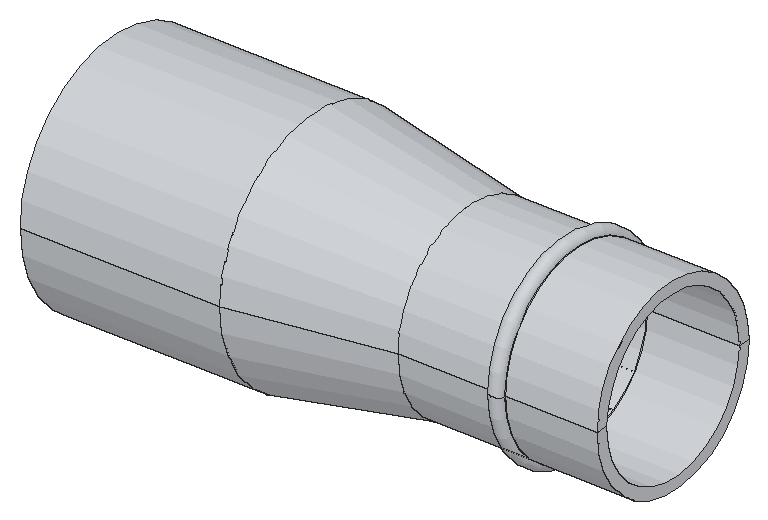
Revit family "PipeFitting_FittingReducer_PressWater-B_Conex_20-50mm", category Pipe Fittings, Revit 2019
Family settings
  Round Connector Dimension = Use Radius
  Part Type = Transition
  OmniClass Number = 23.60.30.11.14
  OmniClass Title = Pipework Fittings
  Work Plane-Based = No
  Always vertical = Yes
  Cut with Voids When Loaded = No
  Shared = No
Parameters (values of type "Standard_Fitting Reducer")
  visibility2 [instance] = Nominal Diameter 1 < Nominal Diameter 2  # no
  Z [instance] = size_lookup(Lookup Table Name, "Z", 30 mm, Max Nominal Diameter, Min Nominal Diameter)  # 32 mm
  Visibility1 [instance] = Nominal Diameter 1 > Nominal Diameter 2  # yes
  Uniformat IIElements = "TBC"
  URL = "http://www.conexbanninger.com.au/"
  Type Comments = "Conex Bänninger specialises in providing the best plumbing fittings and accessories across the globe by offering innovative and versatile jointing solutions. Since 1909 Conex Bänninger has produced over 10 billion copper fittings and has built its reputation for quality manufacturing, back by first-class customer service and unrivalled expertise. Passionate about excellence, Conex Bänninger is a byword for quality in the domestic, commercial, industrial, air conditioning and refrigeration markets worldwide.\r\nConex Bänninger is an ISO 9000 quality assured company, which assures you the very best in quality.\r\nConex Bänninger >B< Press is a versatile press fitting system for use with hard, half hard or soft copper tube providing a secure, life long, leak-proof joint.\r\nApproved Tools - The following tools are approved tools for installation of >B< Press fittings:\r\n•\tRomax compact (Rothenberger)\r\n•\tRomax 3000 (Rothenberger)\r\n•\tPicco (Viega)\r\n•\tPT3-AH & 4B (Viega)"
  SerialNumber [instance] = ""
  RingRadius2 [instance] = 0.09 * Nominal Radius 2  # 0.675 mm
  RingRadius1 [instance] = 0.09 * Nominal Radius 1  # 0.9 mm
  ProductCode [instance] = if(and(Nominal Diameter 1 = 20 mm, Nominal Diameter 2 = 15 mm), "404652", if(and(Nominal Diameter 1 = 25 mm, Nominal Diameter 2 = 15 mm), "404653", if(and(Nominal Diameter 1 = 25 mm, Nominal Diameter 2 = 20 mm), "404654", if(and(Nominal Diameter 1 = 32 mm, Nominal Diameter 2 = 20 mm), "404655", if(and(Nominal Diameter 1 = 32 mm, Nominal Diameter 2 = 25 mm), "404656", if(and(Nominal Diameter 1 = 40 mm, Nominal Diameter 2 = 25 mm), "404657", if(and(Nominal Diameter 1 = 40 mm, Nominal Diameter 2 = 32 mm), "404658", if(and(Nominal Diameter 1 = 50 mm, Nominal Diameter 2 = 32 mm), "404659", if(and(Nominal Diameter 1 = 50 mm, Nominal Diameter 2 = 40 mm), "404660", "ProductCode NA")))))))))  # "404652"
  OmniclassProducts = "TBC"
  built-in parameter 1114211 [instance] = 0.082021 (stored number, unit not read)
  built-in parameter 1114212 [instance] = 0.082021 (stored number, unit not read)
  Nominal Radius 2 [instance] = 7.5 mm
  Nominal Radius 1 [instance] = 10 mm
  Nominal Diameter 2 [instance] = Nominal Radius 2 * 2  # 15 mm
  Nominal Diameter 1 [instance] = Nominal Radius 1 * 2  # 20 mm
  NATSPECWorkSection = "TBC"
  ModifiedIssue_ANZRS = 20130927.63
  Model Version = "2013-03"
  Model Status = ""
  Model Specification = "BMA"
  Model = "Standard_Fitting Reducer"
  Min Nominal Diameter [instance] = if(Nominal Diameter 1 > Nominal Diameter 2, Nominal Diameter 2, Nominal Diameter 1)  # 15 mm
  Max Nominal Diameter [instance] = if(Nominal Diameter 1 > Nominal Diameter 2, Nominal Diameter 1, Nominal Diameter 2)  # 20 mm
  Material = none
  Mark [instance] = ""
  Manufacturer = "Conex | Bänninger"  # constant formula
  Loss Method = Not Defined
  Lookup Table Name = "Fitting Reducer_PressWater-B_Conex_20-50mm"
  Length [instance] = size_lookup(Lookup Table Name, "L", 50 mm, Max Nominal Diameter, Min Nominal Diameter)  # 50 mm
  L-Z [instance] = Length - Z  # 18 mm
  FinalHHWFlow = 0.0 L/s
  Description = ">B< Press fittings are quick to fit, providing a low cost installation solution. The slimline design gives aesthetically pleasing finish with a secure, permanent joint that can´t be tampered with. >B< Press fittings are Watermark\r\n approved and certified to AS3688."
  CreatedBy_ANZRS = "A2K Technologies"
  CreatedByURL_ANZRS = "http://www.bimmepaus.com.au/"
  Assembly Code = "D2090800"
Reference planes
  plane 1 "Center (Front/Back)": y = 0
  plane 2: z = 0
  plane 3 "Center (Left/Right)": x = 0
  plane 4: x = 50
  plane 5: x = 32
  plane 6: x = 18
Forms (mm)
  Revolve 1, solid, material <- "Material", detail levels fine
    sketch origin (0, 0, 0) x (1, 0, 0) y (0, 1, 0)
      loop
        line (50, 7.5) -> (50, 8.5) -> (32, 8.5) -> (18, 11) -> (0, 11) -> (0, 10) -> (18, 10) -> (18, 0) -> (32, 0) -> (32, 7.5) -> (50, 7.5)
      axis (0, 0) -> (50, 0)
    angle from 0 to 360
  Revolve 2, solid, material <- "Material", visible <- "visibility2", detail levels fine
    sketch origin (0, 0, 0) x (1, 0, 0) y (0, 1, 0)
      loop
        line (8.1, 11) -> (8.1, 10) -> (9.9, 10) -> (9.9, 11)
        arc (9.9, 11) -> (9, 11.9) -> (8.1, 11) r 0.9
      axis (8.1, 0) -> (9.9, 0)
    angle from 0 to 360
  Revolve 3, solid, material <- "Material", visible <- "Visibility1", detail levels fine
    sketch origin (32, 0, 0) x (1, 0, 0) y (0, 1, 0)
      loop
        line (8.325, 8.5) -> (8.325, 7.5) -> (9.675, 7.5) -> (9.675, 8.5)
        arc (9.675, 8.5) -> (9, 9.175) -> (8.325, 8.5) r 0.675
      axis (8.325, 0) -> (9.675, 0)
    angle from 0 to 360
Dimensions and locks
  "Length": plane 3 "Center (Left/Right)" to plane 4
  "Z": plane 3 "Center (Left/Right)" to plane 5
  locked: Revolve 1 sketch curve to Revolve 1 sketch curve at 1  (x2)
  "Nominal Radius 1": plane 1 "Center (Front/Back)" to Revolve 1 sketch curve
  "Nominal Radius 2": plane 1 "Center (Front/Back)" to Revolve 1 sketch curve
  "Z": plane 6 to plane 4
  equal spacing: plane 3 "Center (Left/Right)", Revolve 2 sketch curve, plane 6
  locked: Revolve 2 sketch curve to Revolve 2 sketch curve at 1  (x2)
  "Nominal Radius 1": Revolve 2 sketch curve to plane 1 "Center (Front/Back)"
  locked: Revolve 3 sketch curve to Revolve 3 sketch curve at 1  (x2)
  equal spacing: plane 5, Revolve 3 sketch curve, plane 4
  "Nominal Radius 2": Revolve 3 sketch curve to plane 1 "Center (Front/Back)"
  "RingRadius1": radius of Revolve 2 sketch curve
  "RingRadius2": radius of Revolve 3 sketch curve
  aligned and locked: nested 1 to plane 3 "Center (Left/Right)"
  aligned and locked: plane 1 "Center (Front/Back)" to nested 1
  aligned and locked: plane 1 "Center (Front/Back)" to Revolve 1 sketch curve  (x2)
  aligned and locked: Revolve 1 sketch curve to plane 3 "Center (Left/Right)"
  aligned and locked: plane 4 to Revolve 1 sketch curve
  aligned and locked: plane 6 to Revolve 1 sketch curve
  aligned and locked: plane 5 to Revolve 1 sketch curve  (x2)
  aligned and locked: plane 1 "Center (Front/Back)" to Revolve 2 sketch curve
  aligned and locked: Revolve 1 sketch curve to plane 6
  aligned and locked: Revolve 1 sketch curve to plane 5
Automatic sketch dimensions
  Revolve 1 sketch curve to plane 3 "Center (Left/Right)" = 3.777 mm
  plane 4 to Revolve 1 sketch curve = 2.677 mm
  Revolve 2 sketch curve to plane 3 "Center (Left/Right)" = 8.96 mm
  plane 4 to Revolve 2 sketch curve = 13.514 mm
  plane 1 "Center (Front/Back)" to Revolve 3 sketch curve = 0 mm
  plane 5 to Revolve 3 sketch curve = 4.96 mm
  plane 4 to Revolve 3 sketch curve = 45.514 mm
Nested families
  nested 1: "Reducer_S" at (25, 0, 0), type "Reducer_S", detail levels coarse+medium
Connectors
  piping at (32, 0, 0), diameter 15, driven by "Nominal Radius 2"
    settings: on Revolve 1, index 5, connector inside diameter 609.6 mm, connector length 0 mm, flow factor 0, pipe flow 0.0 L/s, pressure drop 0.0 Pa, fitting loss kfactor 0, connector angle 0.00°, fixture units 0, engagement length 0 mm, angle of deflection 0.00°, flow configuration 0, flow direction 0, fitting loss method 0, system type 28, joint type 0, gender type 0, connector reference index -1, connector utility 0, adjustable connector no, is connector primary yes, connector description ""
  piping at (18, 0, 0), diameter 20, driven by "Nominal Radius 1"
    settings: on Revolve 1, index 6, connector inside diameter 609.6 mm, connector length 0 mm, flow factor 0, pipe flow 0.0 L/s, pressure drop 0.0 Pa, fitting loss kfactor 0, connector angle 0.00°, fixture units 0, engagement length 0 mm, angle of deflection 0.00°, flow configuration 0, flow direction 0, fitting loss method 0, system type 28, joint type 0, gender type 0, connector reference index -1, connector utility 0, adjustable connector no, is connector primary no, connector description ""
Definition of nested family "Reducer_S"
  Parameters
    V2 = if(D1 > D2, V', V)  # no
    V1 = if(D1 > D2, V, V')  # yes
    V' = no
    V = yes
    L = 47 mm
    D2 = 15 mm
    D1 = 20 mm
  Reference planes
    plane 1 "Center (Front/Back)": y = 0
    plane 2: z = 0
    plane 3 "Center (Left/Right)": x = 0
  Lines and regions (mm)
    model lines
      curve 1: line (-23.5, 10, 0) -> (-23.5, -10, 0)
      curve 2: line (23.5, 7.5, 0) -> (23.5, -7.5, 0)
    model lines, visible <- "V1"
      curve 3: line (-23.5, 10, 0) -> (23.5, 0, 0)
      curve 4: line (-23.5, -10, 0) -> (23.5, 0, 0)
    model lines, visible <- "V2"
      curve 5: line (23.5, 7.5, 0) -> (-23.5, 0, 0)
      curve 6: line (23.5, -7.5, 0) -> (-23.5, 0, 0)
  Dimensions and locks
    equal spacing: curve 1, plane 1 "Center (Front/Back)", curve 1
    equal spacing: curve 2, plane 1 "Center (Front/Back)", curve 2
    "L": curve 1 to curve 2
    equal spacing: curve 1, plane 3 "Center (Left/Right)", curve 2
    "D2": curve 2 to curve 2
    "D1": curve 1 to curve 1
    aligned and locked: level to plane 2
  Automatic sketch dimensions
    plane 1 "Center (Front/Back)" to curve 5 = 0 mm
    plane 1 "Center (Front/Back)" to curve 3 = 0 mm
